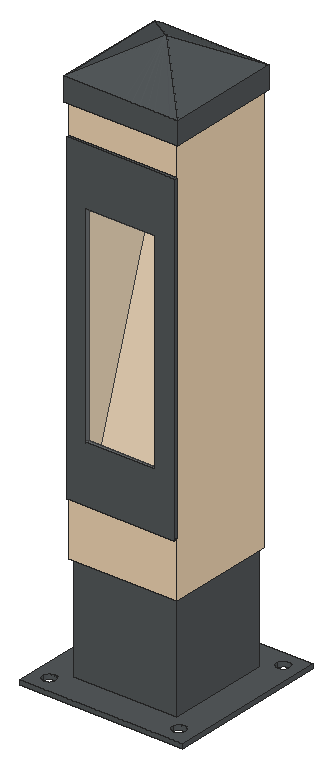
Revit family "Баум", category Осветительные приборы, Revit 2019 (continued)
Types (3, lengths in mm): name | Файл фотометрической сетки | built-in parameter 1150105 | Lumens | built-in parameter 1150106 | built-in parameter 1150142 | Wattage | h_столб низ | h_столб верх | ADSK_Фактическая мощность | ADSK_Размер_Высота | ADSK_Номинальная мощность | ADSK_Наименование | ADSK_Масса_Текст | ADSK_Масса | ADSK_Артикул
     0.4 0.4 0.4\r\n 0.4 0.4 0.4 0.4 0.4 0.4 0.4 0.4 0.4 0.4 0.4 0.4 0.4 0.4 0.4 0.4 0.4 0.4 0.4 0.4 0.4 0.4 0.4 0.4 0.4 0.4 0.4 0.4 0.4 0.4 0.4 0.4\r\n 0.4 0.4 0.4 0.4 0.4 0.4 0.4 0.4 0.4 0.4 0.4 0.4 0.4 0.4 0.4 0.4 0.4 0.4 0.4 0.4 0.4 0.4 0.4 0.4 0.4 0.4 0.4 0.4 0.4 0.4 0.4 0.4\r\n 0.4 0.4 0.4 0.4 0.4 0.4 0.4 0.4 0.4 0.4 0.4 0.4 0.4 0.4 0.4 0.4 0.4 0.4 0.4 0.4 0.4 0.4 0.4 0.4 0.4 0.4 0.4 0.4 0.4 0.4 0.4 0.4\r\n 0.4 0.4 0.4 0.4 0.4 0.4 0.4 0.4 0.4 0.4 0.4 0.2 0.2 0.2 0.0 0.0 0.0 0.0 0.0 0.0 0.0\r\n0.0 0.0 0.2 0.2 0.2 0.2 0.2 0.2 0.4 0.4 0.4 0.4 0.4 0.4 0.4 0.4 0.4 0.4 0.4 0.4 0.4 0.4 0.4 0.4 0.4 0.4 0.4 0.4 0.4 0.4 0.4 0.4\r\n 0.4 0.4 0.4 0.4 0.4 0.4 0.4 0.4 0.6 0.6 0.4 0.4 0.4 0.4 0.4 0.4 0.4 0.4 0.4 0.4 0.4 0.4 0.4 0.4 0.4 0.4 0.4 0.4 0.4 0.4 0.4 0.4\r\n 0.4 0.4 0.4 0.4 0.4 0.4 0.4 0.4 0.4 0.4 0.4 0.4 0.4 0.4 0.4 0.4 0.4 0.4 0.4 0.4 0.4 0.4 0.4 0.4 0.4 0.4 0.4 0.4 0.4 0.4 0.4 0.4\r\n 0.4 0.4 0.4 0.4 0.4 0.4 0.4 0.4 0.4 0.4 0.4 0.4 0.4 0.4 0.4 0.4 0.4 0.4 0.4 0.4 0.4 0.4 0.4 0.4 0.4 0.4 0.4 0.4 0.4 0.4 0.4 0.4\r\n 0.4 0.4 0.4 0.4 0.4 0.4 0.4 0.4 0.4 0.4 0.4 0.4 0.4 0.4 0.4 0.4 0.4 0.4 0.4 0.4 0.4 0.4 0.4 0.4 0.4 0.4 0.4 0.4 0.4 0.4 0.4 0.4\r\n 0.4 0.4 0.4 0.4 0.4 0.4 0.4 0.4 0.4 0.4 0.4 0.2 0.2 0.2 0.0 0.0 0.0 0.0 0.0 0.0 0.0\r\n0.0 0.0 0.2 0.2 0.2 0.2 0.2 0.2 0.4 0.4 0.4 0.4 0.4 0.4 0.4 0.4 0.4 0.4 0.4 0.4 0.4 0.4 0.4 0.4 0.4 0.4 0.4 0.4 0.4 0.4 0.4 0.4\r\n 0.4 0.4 0.4 0.4 0.4 0.4 0.4 0.4 0.4 0.4 0.4 0.4 0.4 0.4 0.4 0.4 0.4 0.4 0.4 0.4 0.4 0.4 0.4 0.4 0.4 0.4 0.4 0.4 0.4 0.4 0.4 0.4\r\n 0.4 0.4 0.4 0.4 0.4 0.4 0.4 0.4 0.4 0.4 0.4 0.4 0.4 0.4 0.4 0.4 0.4 0.4 0.4 0.4 0.4 0.4 0.4 0.4 0.4 0.4 0.4 0.4 0.4 0.4 0.4 0.4\r\n 0.4 0.4 0.4 0.4 0.4 0.4 0.4 0.4 0.4 0.4 0.4 0.4 0.4 0.4 0.4 0.4 0.4 0.4 0.4 0.4 0.4 0.4 0.4 0.4 0.4 0.4 0.4 0.4 0.4 0.4 0.4 0.4\r\n 0.4 0.4 0.4 0.4 0.4 0.4 0.4 0.4 0.4 0.4 0.4 0.4 0.4 0.4 0.4 0.4 0.4 0.4 0.4 0.4 0.4 0.4 0.4 0.4 0.4 0.4 0.4 0.4 0.4 0.4 0.4 0.4\r\n 0.4 0.4 0.4 0.4 0.4 0.4 0.4 0.4 0.4 0.4 0.4 0.2 0.2 0.2 0.0 0.0 0.0 0.0 0.0 0.0 0.0\r\n0.0 0.0 0.2 0.2 0.2 0.2 0.2 0.2 0.4 0.4 0.4 0.4 0.4 0.4 0.4 0.4 0.4 0.4 0.4 0.4 0.4 0.4 0.4 0.4 0.4 0.4 0.4 0.4 0.4 0.4 0.4 0.4\r\n 0.4 0.4 0.4 0.4 0.4 0.4 0.4 0.4 0.4 0.4 0.4 0.4 0.4 0.4 0.4 0.4 0.4 0.4 0.4 0.4 0.4 0.4 0.4 0.4 0.4 0.4 0.4 0.4 0.4 0.4 0.4 0.4\r\n 0.4 0.4 0.4 0.4 0.4 0.4 0.4 0.4 0.4 0.4 0.4 0.4 0.4 0.4 0.4 0.4 0.4 0.4 0.4 0.4 0.4 0.4 0.4 0.4 0.4 0.4 0.4 0.4 0.4 0.4 0.4 0.4\r\n 0.4 0.4 0.4 0.4 0.4 0.4 0.4 0.4 0.4 0.4 0.4 0.4 0.4 0.4 0.4 0.4 0.4 0.4 0.4 0.4 0.4 0.4 0.4 0.4 0.4 0.4 0.4 0.4 0.4 0.4 0.4 0.4\r\n 0.4 0.4 0.4 0.4 0.4 0.4 0.4 0.4 0.4 0.4 0.4 0.4 0.4 0.4 0.4 0.4 0.4 0.4 0.4 0.4 0.4 0.4 0.4 0.4 0.4 0.4 0.4 0.4 0.4 0.4 0.4 0.4\r\n 0.4 0.4 0.4 0.4 0.4 0.4 0.4 0.4 0.4 0.4 0.4 0.2 0.2 0.2 0.0 0.0 0.0 0.0 0.0 0.0 0.0\r\n0.0 0.0 0.2 0.2 0.2 0.2 0.2 0.2 0.4 0.4 0.4 0.4 0.4 0.4 0.4 0.4 0.4 0.4 0.4 0.4 0.4 0.4 0.4 0.4 0.4 0.4 0.4 0.4 0.4 0.4 0.4 0.4\r\n 0.4 0.4 0.4 0.4 0.4 0.4 0.4 0.4 0.4 0.4 0.4 0.4 0.4 0.4 0.4 0.4 0.4 0.4 0.4 0.4 0.4 0.4 0.4 0.4 0.4 0.4 0.4 0.4 0.4 0.4 0.4 0.4\r\n 0.4 0.4 0.4 0.4 0.4 0.4 0.4 0.4 0.4 0.4 0.4 0.4 0.4 0.4 0.4 0.4 0.4 0.4 0.4 0.4 0.4 0.4 0.4 0.4 0.4 0.4 0.4 0.4 0.4 0.4 0.4 0.4\r\n 0.4 0.4 0.4 0.4 0.4 0.4 0.4 0.4 0.4 0.4 0.4 0.4 0.4 0.4 0.4 0.4 0.4 0.4 0.4 0.4 0.4 0.4 0.4 0.4 0.4 0.4 0.4 0.4 0.4 0.4 0.4 0.4\r\n 0.4 0.4 0.4 0.4 0.4 0.4 0.4 0.4 0.4 0.4 0.4 0.4 0.4 0.4 0.4 0.4 0.4 0.4 0.4 0.4 0.4 0.4 0.4 0.4 0.4 0.4 0.4 0.4 0.4 0.4 0.4 0.4\r\n 0.4 0.4 0.4 0.4 0.4 0.4 0.4 0.4 0.4 0.4 0.4 0.2 0.2 0.2 0.0 0.0 0.0 0.0 0.0 0.0 0.0\r\n0.0 0.0 0.2 0.2 0.2 0.2 0.2 0.2 0.4 0.4 0.4 0.4 0.4 0.4 0.4 0.4 0.4 0.4 0.4 0.4 0.4 0.4 0.4 0.4 0.4 0.4 0.4 0.4 0.4 0.4 0.4 0.4\r\n 0.4 0.4 0.4 0.4 0.4 0.4 0.4 0.4 0.4 0.4 0.4 0.4 0.4 0.4 0.4 0.4 0.4 0.4 0.4 0.4 0.4 0.4 0.4 0.4 0.4 0.4 0.4 0.4 0.4 0.4 0.4 0.4\r\n 0.4 0.4 0.4 0.4 0.4 0.4 0.4 0.4 0.4 0.4 0.4 0.4 0.4 0.4 0.4 0.4 0.4 0.4 0.4 0.4 0.4 0.4 0.4 0.4 0.4 0.4 0.4 0.4 0.4 0.4 0.4 0.4\r\n 0.4 0.4 0.4 0.4 0.4 0.4 0.4 0.4 0.4 0.4 0.4 0.4 0.4 0.4 0.4 0.4 0.4 0.4 0.4 0.4 0.4 0.4 0.4 0.4 0.4 0.4 0.4 0.4 0.4 0.4 0.4 0.4\r\n 0.4 0.4 0.4 0.4 0.4 0.4 0.4 0.4 0.4 0.4 0.4 0.4 0.4 0.4 0.4 0.4 0.4 0.4 0.4 0.4 0.4 0.4 0.4 0.4 0.4 0.4 0.4 0.4 0.4 0.4 0.4 0.4\r\n 0.4 0.4 0.4 0.4 0.4 0.4 0.4 0.4 0.4 0.4 0.4 0.2 0.2 0.2 0.0 0.0 0.0 0.0 0.0 0.0 0.0\r\n0.0 0.0 0.2 0.2 0.2 0.2 0.2 0.2 0.4 0.4 0.4 0.4 0.4 0.4 0.4 0.4 0.4 0.4 0.4 0.4 0.4 0.4 0.4 0.4 0.4 0.4 0.4 0.4 0.4 0.4 0.4 0.4\r\n 0.4 0.4 0.4 0.4 0.4 0.4 0.4 0.4 0.4 0.4 0.4 0.4 0.4 0.4 0.4 0.4 0.4 0.4 0.4 0.4 0.4 0.4 0.4 0.4 0.4 0.4 0.4 0.4 0.4 0.4 0.4 0.4\r\n 0.4 0.4 0.4 0.4 0.4 0.4 0.4 0.4 0.4 0.4 0.4 0.4 0.4 0.4 0.6 0.4 0.4 0.4 0.4 0.4 0.4 0.4 0.4 0.4 0.4 0.4 0.4 0.4 0.4 0.4 0.4 0.4\r\n 0.4 0.4 0.4 0.4 0.4 0.4 0.4 0.4 0.4 0.4 0.4 0.4 0.4 0.4 0.4 0.4 0.4 0.4 0.4 0.4 0.4 0.4 0.4 0.4 0.4 0.4 0.4 0.4 0.4 0.4 0.4 0.4\r\n 0.4 0.4 0.4 0.4 0.4 0.4 0.4 0.4 0.4 0.4 0.4 0.4 0.4 0.4 0.4 0.4 0.4 0.4 0.4 0.4 0.4 0.4 0.4 0.4 0.4 0.4 0.4 0.4 0.4 0.4 0.4 0.4\r\n 0.4 0.4 0.4 0.4 0.4 0.4 0.4 0.4 0.4 0.4 0.4 0.2 0.2 0.2 0.0 0.0 0.0 0.0 0.0 0.0 0.0\r\n0.0 0.0 0.2 0.2 0.2 0.2 0.2 0.2 0.4 0.4 0.4 0.4 0.4 0.4 0.4 0.4 0.4 0.4 0.4 0.4 0.4 0.4 0.4 0.4 0.4 0.4 0.4 0.4 0.4 0.4 0.4 0.4\r\n 0.4 0.4 0.4 0.4 0.4 0.4 0.4 0.4 0.4 0.4 0.4 0.4 0.4 0.4 0.4 0.4 0.4 0.4 0.4 0.4 0.4 0.4 0.4 0.4 0.4 0.4 0.4 0.4 0.4 0.4 0.4 0.4\r\n 0.4 0.4 0.4 0.4 0.4 0.4 0.4 0.4 0.4 0.4 0.4 0.4 0.4 0.4 0.4 0.4 0.4 0.4 0.4 0.4 0.4 0.4 0.4 0.4 0.4 0.4 0.4 0.4 0.4 0.4 0.4 0.4\r\n 0.4 0.4 0.4 0.4 0.4 0.4 0.4 0.4 0.4 0.4 0.4 0.4 0.4 0.4 0.4 0.4 0.4 0.4 0.4 0.4 0.4 0.4 0.4 0.4 0.4 0.4 0.4 0.4 0.4 0.4 0.4 0.4\r\n 0.4 0.4 0.4 0.4 0.4 0.4 0.4 0.4 0.4 0.4 0.4 0.4 0.4 0.4 0.4 0.4 0.4 0.4 0.4 0.4 0.4 0.4 0.4 0.4 0.4 0.4 0.4 0.4 0.4 0.4 0.4 0.4\r\n 0.4 0.4 0.4 0.4 0.4 0.4 0.4 0.4 0.4 0.4 0.4 0.2 0.2 0.2 0.0 0.0 0.0 0.0 0.0 0.0 0.0\r\n0.0 0.0 0.2 0.2 0.2 0.2 0.2 0.2 0.4 0.4 0.4 0.4 0.4 0.4 0.4 0.4 0.4 0.4 0.4 0.4 0.4 0.4 0.4 0.4 0.4 0.4 0.4 0.4 0.4 0.4 0.4 0.4\r\n 0.4 0.4 0.4 0.4 0.4 0.4 0.4 0.4 0.4 0.4 0.4 0.4 0.4 0.4 0.4 0.4 0.4 0.4 0.4 0.4 0.4 0.4 0.4 0.4 0.4 0.4 0.4 0.4 0.4 0.4 0.4 0.4\r\n 0.4 0.4 0.4 0.4 0.4 0.4 0.4 0.4 0.4 0.4 0.4 0.4 0.4 0.4 0.4 0.4 0.4 0.4 0.4 0.4 0.4 0.4 0.4 0.4 0.4 0.4 0.4 0.4 0.4 0.4 0.4 0.4\r\n 0.4 0.4 0.4 0.4 0.4 0.4 0.4 0.4 0.4 0.4 0.4 0.4 0.4 0.4 0.4 0.4 0.4 0.4 0.4 0.4 0.4 0.4 0.4 0.4 0.4 0.4 0.4 0.4 0.4 0.4 0.4 0.4\r\n 0.4 0.4 0.4 0.4 0.4 0.4 0.4 0.4 0.4 0.4 0.4 0.4 0.4 0.4 0.4 0.4 0.4 0.4 0.4 0.4 0.4 0.4 0.4 0.4 0.4 0.4 0.4 0.4 0.4 0.4 0.4 0.4\r\n 0.4 0.4 0.4 0.4 0.4 0.4 0.4 0.4 0.4 0.4 0.4 0.2 0.2 0.2 0.0 0.0 0.0 0.0 0.0 0.0 0.0\r\n0.0 0.0 0.2 0.2 0.2 0.2 0.2 0.2 0.4 0.4 0.4 0.4 0.4 0.4 0.4 0.4 0.4 0.4 0.4 0.4 0.4 0.4 0.4 0.4 0.4 0.4 0.4 0.4 0.4 0.4 0.4 0.4\r\n 0.4 0.4 0.4 0.4 0.4 0.4 0.4 0.4 0.4 0.4 0.4 0.4 0.4 0.4 0.4 0.4 0.4 0.4 0.4 0.4 0.4 0.4 0.4 0.4 0.4 0.4 0.4 0.4 0.4 0.4 0.4 0.4\r\n 0.4 0.4 0.4 0.4 0.4 0.4 0.4 0.4 0.4 0.4 0.4 0.4 0.4 0.4 0.4 0.4 0.4 0.4 0.4 0.4 0.4 0.4 0.4 0.4 0.4 0.4 0.4 0.4 0.4 0.4 0.4 0.4\r\n 0.4 0.4 0.4 0.4 0.4 0.4 0.4 0.4 0.4 0.4 0.4 0.4 0.4 0.4 0.4 0.4 0.4 0.4 0.4 0.4 0.4 0.4 0.4 0.4 0.4 0.4 0.4 0.4 0.4 0.4 0.4 0.4\r\n 0.4 0.4 0.4 0.4 0.4 0.4 0.4 0.4 0.4 0.4 0.4 0.4 0.4 0.4 0.4 0.4 0.4 0.4 0.4 0.4 0.4 0.4 0.4 0.4 0.4 0.4 0.4 0.4 0.4 0.4 0.4 0.4\r\n 0.4 0.4 0.4 0.4 0.4 0.4 0.4 0.4 0.4 0.4 0.4 0.2 0.2 0.2 0.0 0.0 0.0 0.0 0.0 0.0 0.0\r\n0.0 0.0 0.4 0.2 0.2 0.2 0.2 0.2 0.4 0.4 0.4 0.4 0.4 0.4 0.4 0.4 0.4 0.4 0.4 0.4 0.4 0.4 0.4 0.4 0.4 0.4 0.4 0.4 0.4 0.4 0.4 0.4\r\n 0.4 0.4 0.4 0.4 0.4 0.4 0.4 0.4 0.4 0.4 0.4 0.4 0.4 0.4 0.4 0.4 0.4 0.4 0.4 0.4 0.4 0.4 0.4 0.4 0.4 0.4 0.4 0.4 0.4 0.4 0.4 0.4\r\n 0.4 0.4 0.4 0.4 0.4 0.4 0.4 0.4 0.4 0.4 0.4 0.4 0.4 0.4 0.4 0.4 0.4 0.4 0.4 0.4 0.4 0.4 0.4 0.4 0.4 0.4 0.4 0.4 0.4 0.4 0.4 0.4\r\n 0.4 0.4 0.4 0.4 0.4 0.4 0.4 0.4 0.4 0.4 0.4 0.4 0.4 0.4 0.4 0.4 0.4 0.4 0.4 0.4 0.4 0.4 0.4 0.4 0.4 0.4 0.4 0.4 0.4 0.4 0.4 0.4\r\n 0.4 0.4 0.4 0.4 0.4 0.4 0.4 0.4 0.4 0.4 0.4 0.4 0.4 0.4 0.4 0.4 0.4 0.4 0.4 0.4 0.4 0.4 0.4 0.4 0.4 0.4 0.4 0.4 0.4 0.4 0.4 0.4\r\n 0.4 0.4 0.4 0.4 0.4 0.4 0.4 0.4 0.4 0.4 0.4 0.2 0.2 0.2 0.0 0.0 0.0 0.0 0.0 0.0 0.0\r\n0.0 0.0 0.4 0.2 0.2 0.2 0.2 0.2 0.4 0.4 0.4 0.4 0.4 0.4 0.4 0.4 0.4 0.4 0.4 0.4 0.4 0.4 0.4 0.4 0.4 0.4 0.4 0.4 0.4 0.4 0.4 0.4\r\n 0.4 0.4 0.4 0.4 0.4 0.4 0.4 0.4 0.4 0.4 0.4 0.4 0.4 0.4 0.4 0.4 0.4 0.4 0.4 0.4 0.4 0.4 0.4 0.4 0.4 0.4 0.4 0.4 0.4 0.4 0.4 0.4\r\n 0.4 0.6 0.6 0.6 0.6 0.6 0.6 0.6 0.6 0.4 0.4 0.4 0.4 0.4 0.4 0.4 0.4 0.4 0.4 0.4 0.4 0.4 0.4 0.4 0.4 0.4 0.4 0.4 0.4 0.4 0.4 0.4\r\n 0.4 0.4 0.4 0.4 0.4 0.4 0.4 0.4 0.4 0.4 0.4 0.4 0.4 0.4 0.4 0.4 0.4 0.4 0.4 0.4 0.4 0.4 0.4 0.4 0.4 0.4 0.4 0.4 0.4 0.4 0.4 0.4\r\n 0.4 0.4 0.4 0.4 0.4 0.4 0.4 0.4 0.4 0.4 0.4 0.4 0.4 0.4 0.4 0.4 0.4 0.4 0.4 0.4 0.4 0.4 0.4 0.4 0.4 0.4 0.4 0.4 0.4 0.4 0.4 0.4\r\n 0.4 0.4 0.4 0.4 0.4 0.4 0.4 0.4 0.4 0.4 0.4 0.2 0.2 0.2 0.0 0.0 0.0 0.0 0.0 0.0 0.0\r\n0.0 0.0 0.4 0.2 0.2 0.2 0.2 0.2 0.4 0.6 0.4 0.4 0.4 0.4 0.4 0.4 0.4 0.4 0.4 0.4 0.4 0.4 0.4 0.4 0.4 0.4 0.4 0.4 0.4 0.4 0.4 0.4\r\n 0.4 0.4 0.4 0.4 0.4 0.4 0.4 0.4 0.4 0.4 0.4 0.4 0.4 0.4 0.4 0.4 0.4 0.4 0.4 0.4 0.4 0.4 0.4 0.4 0.4 0.4 0.4 0.6 0.6 0.6 0.6 0.6\r\n 0.7 1.3 1.3 1.3 1.1 0.9 0.9 0.7 0.7 0.6 0.6 0.4 0.4 0.4 0.4 0.4 0.4 0.4 0.4 0.4 0.4 0.4 0.4 0.4 0.4 0.4 0.4 0.4 0.4 0.4 0.4 0.4\r\n 0.4 0.4 0.4 0.4 0.4 0.4 0.4 0.4 0.4 0.4 0.4 0.4 0.4 0.4 0.4 0.4 0.4 0.4 0.4 0.4 0.4 0.4 0.4 0.4 0.4 0.4 0.4 0.4 0.4 0.4 0.4 0.4\r\n 0.4 0.4 0.4 0.4 0.4 0.4 0.4 0.4 0.4 0.4 0.4 0.4 0.4 0.4 0.4 0.4 0.4 0.4 0.4 0.4 0.4 0.4 0.4 0.4 0.4 0.4 0.4 0.4 0.4 0.4 0.4 0.4\r\n 0.4 0.4 0.4 0.4 0.4 0.4 0.4 0.4 0.4 0.4 0.4 0.4 0.2 0.2 0.0 0.0 0.0 0.0 0.0 0.0 0.0\r\n0.0 0.0 0.4 0.2 0.4 0.2 0.2 0.2 0.4 0.6 0.4 0.4 0.4 0.4 0.4 0.4 0.4 0.4 0.4 0.4 0.4 0.4 0.4 0.4 0.4 0.4 0.4 0.4 0.4 0.4 0.4 0.4\r\n 0.4 0.4 0.4 0.4 0.4 0.4 0.6 1.6 2.2 2.2 1.8 1.6 1.5 1.3 1.1 0.9 0.7 0.7 0.7 0.7 0.7 0.7 0.9 1.1 0.9 0.9 1.1 1.5 1.6 1.8 2.2 1.8\r\n 1.3 1.8 2.4 2.6 2.2 1.8 1.5 1.3 1.1 0.9 0.7 0.7 0.6 0.6 0.6 0.4 0.4 0.4 0.4 0.4 0.4 0.4 0.4 0.4 0.4 0.4 0.4 0.4 0.4 0.4 0.4 0.4\r\n 0.4 0.4 0.4 0.4 0.4 0.4 0.4 0.4 0.4 0.4 0.4 0.4 0.4 0.4 0.4 0.4 0.4 0.4 0.4 0.4 0.4 0.4 0.4 0.4 0.4 0.4 0.4 0.4 0.4 0.4 0.4 0.4\r\n 0.4 0.4 0.4 0.4 0.4 0.4 0.4 0.4 0.4 0.4 0.4 0.4 0.4 0.4 0.4 0.4 0.4 0.4 0.4 0.4 0.4 0.4 0.4 0.4 0.4 0.4 0.4 0.4 0.4 0.4 0.4 0.4\r\n 0.4 0.4 0.4 0.4 0.4 0.4 0.4 0.4 0.4 0.4 0.4 0.4 0.2 0.2 0.0 0.0 0.0 0.0 0.0 0.0 0.0\r\n0.0 0.0 0.4 0.2 0.4 0.2 0.2 0.2 0.4 0.6 0.4 0.4 0.4 0.4 0.4 0.4 0.4 0.4 0.4 0.4 0.4 0.4 0.4 0.4 0.4 0.4 0.4 0.4 0.4 0.4 0.4 0.4\r\n 0.6 1.3 1.3 1.6 4.6 4.6 8.4 32.5 51.9 59.1 58.5 60.4 56.9 51.9 47.7 43.5 39.6 35.2 30.3 26.2 23.1 20.9 18.9 16.9 16.0 15.6 16.1\r\n 17.4 17.4 18.2 18.2 17.6 18.7 19.3 19.1 20.0 19.6 18.9 19.3 18.4 17.6 17.6 16.1 14.7 14.3 13.0 11.9 11.2 7.3 2.6 0.9 0.4 0.4 0.4\r\n 0.4 0.4 0.4 0.4 0.4 0.4 0.4 0.4 0.4 0.4 0.4 0.4 0.4 0.4 0.4 0.4 0.4 0.4 0.4 0.4 0.4 0.4 0.4 0.4 0.4 0.4 0.4 0.4 0.4 0.4 0.4 0.4\r\n 0.4 0.4 0.4 0.4 0.4 0.4 0.4 0.4 0.4 0.4 0.4 0.4 0.4 0.4 0.4 0.4 0.4 0.4 0.4 0.4 0.4 0.4 0.4 0.4 0.4 0.4 0.4 0.4 0.4 0.4 0.4 0.4\r\n 0.4 0.4 0.4 0.4 0.4 0.4 0.4 0.4 0.4 0.4 0.4 0.4 0.4 0.4 0.4 0.4 0.4 0.4 0.4 0.4 0.4 0.4 0.2 0.2 0.0 0.0 0.0 0.0 0.0 0.0 0.0\r\n0.0 0.0 0.4 0.2 0.4 0.2 0.2 0.2 0.4 0.6 0.4 0.4 0.4 0.4 0.4 0.4 0.4 0.4 0.4 0.4 0.4 0.4 0.4 0.4 0.4 0.4 0.4 0.4 0.4 0.4 1.1 2.4\r\n 4.6 13.4 18.0 25.1 54.1 85.7 100.2 108.6 116.2 120.2 126.4 131.2 135.8 133.2 129.6 123.7 119.8 117.6 114.0 113.1 111.4 109.8\r\n 108.6 107.9 105.7 103.5 101.7 98.9 95.6 93.4 90.8 86.6 81.8 78.2 76.5 73.6 70.3 68.3 65.3 61.3 56.5 52.1 48.5 44.2 41.7 37.8 32.3\r\n 22.6 12.9 7.2 4.6 2.6 1.3 0.6 0.4 0.4 0.4 0.4 0.4 0.4 0.4 0.4 0.4 0.4 0.4 0.4 0.4 0.4 0.4 0.4 0.4 0.4 0.4 0.4 0.4 0.4 0.4 0.4 0.4\r\n 0.4 0.4 0.4 0.4 0.4 0.4 0.4 0.4 0.4 0.4 0.4 0.4 0.4 0.4 0.4 0.4 0.4 0.4 0.4 0.4 0.4 0.4 0.4 0.4 0.4 0.4 0.4 0.4 0.4 0.4 0.4 0.4\r\n 0.4 0.4 0.4 0.4 0.4 0.4 0.4 0.4 0.4 0.4 0.4 0.4 0.4 0.4 0.4 0.4 0.4 0.4 0.4 0.4 0.4 0.4 0.4 0.4 0.4 0.4 0.4 0.4 0.4 0.2 0.2 0.0\r\n 0.0 0.0 0.0 0.0 0.0 0.0\r\n0.0 0.0 0.4 0.2 0.4 0.2 0.2 0.2 0.4 0.6 0.4 0.4 0.4 0.4 0.4 0.4 0.4 0.4 0.4 0.4 0.4 0.4 0.4 0.4 0.4 0.4 0.4 0.6 2.0 5.5 11.9 25.3\r\n 34.3 52.7 94.5 118.4 134.3 150.5 165.5 174.2 184.1 192.7 200.4 208.6 206.1 206.4 201.3 195.4 191.4 187.7 184.1 179.1 175.4 174.0\r\n 171.8 167.4 166.3 162.8 158.0 154.5 152.3 148.6 143.9 139.7 134.9 129.8 125.9 121.1 117.3 112.5 106.1 98.9 92.5 85.7 80.8 75.4\r\n 68.8 56.3 42.2 31.6 23.9 17.3 12.3 8.6 5.5 3.1 1.5 0.6 0.4 0.4 0.4 0.4 0.4 0.4 0.4 0.4 0.4 0.4 0.4 0.4 0.4 0.4 0.4 0.4 0.4 0.4\r\n 0.4 0.4 0.4 0.4 0.4 0.4 0.4 0.4 0.4 0.4 0.4 0.4 0.4 0.4 0.4 0.4 0.4 0.4 0.4 0.4 0.4 0.4 0.4 0.4 0.4 0.4 0.4 0.4 0.4 0.4 0.4 0.4\r\n 0.4 0.4 0.4 0.4 0.4 0.4 0.4 0.4 0.4 0.4 0.4 0.4 0.4 0.4 0.4 0.4 0.4 0.4 0.4 0.4 0.4 0.4 0.4 0.4 0.4 0.4 0.4 0.4 0.4 0.4 0.4 0.4\r\n 0.4 0.4 0.2 0.2 0.0 0.0 0.0 0.0 0.0 0.0 0.0\r\n0.0 0.0 0.4 0.2 0.4 0.2 0.2 0.2 0.4 0.6 0.4 0.4 0.4 0.4 0.4 0.4 0.4 0.4 0.4 0.4 0.4 0.4 0.4 0.4 0.6 0.9 1.6 8.1 18.9 44.6 63.7\r\n 90.8 118.2 137.6 153.8 169.8 185.7 202.6 225.4 236.0 257.8 286.1 287.0 303.2 315.8 310.0 308.3 307.4 305.4 300.8 300.4 298.2\r\n 296.6 291.8 287.9 283.7 276.6 270.1 264.1 256.5 248.1 239.1 231.8 223.7 213.8 205.7 198.2 191.4 182.6 174.4 165.4 156.5 147.7\r\n 137.6 127.6 114.2 96.3 79.5 65.3 54.7 45.2 36.5 29.2 21.3 15.1 9.5 6.1 1.3 0.4 0.4 0.4 0.4 0.4 0.4 0.4 0.4 0.4 0.4 0.4 0.4 0.4\r\n 0.4 0.4 0.4 0.4 0.4 0.4 0.4 0.4 0.4 0.4 0.4 0.4 0.4 0.4 0.4 0.4 0.4 0.4 0.4 0.4 0.4 0.4 0.4 0.4 0.4 0.4 0.4 0.4 0.4 0.4 0.4 0.4\r\n 0.4 0.4 0.4 0.4 0.4 0.4 0.4 0.4 0.4 0.4 0.4 0.4 0.4 0.4 0.4 0.4 0.4 0.4 0.4 0.4 0.4 0.4 0.4 0.4 0.4 0.4 0.4 0.4 0.4 0.4 0.4 0.4\r\n 0.4 0.4 0.4 0.4 0.4 0.4 0.2 0.2 0.2 0.0 0.0 0.0 0.0 0.0 0.0 0.0\r\n0.0 0.0 0.4 0.2 0.4 0.2 0.2 0.4 0.4 0.6 0.4 0.4 0.4 0.4 0.4 0.4 0.4 0.4 0.4 0.4 0.4 0.4 0.6 0.7 3.1 8.1 20.4 55.4 75.4 97.1 123.5\r\n 149.6 171.6 183.7 201.3 231.2 254.0 277.7 309.0 334.2 361.3 390.9 397.9 391.8 388.0 386.1 376.4 371.1 365.6 361.7 354.5 347.8\r\n 341.7 336.4 332.0 327.2 321.1 313.3 307.4 299.5 290.9 285.4 278.6 270.1 262.1 253.6 246.3 237.3 227.9 217.8 209.0 199.7 189.0\r\n 174.7 152.3 130.3 114.9 99.8 89.0 76.7 66.3 55.4 46.3 36.5 26.1 17.6 11.0 2.4 0.6 0.4 0.4 0.4 0.4 0.4 0.4 0.4 0.4 0.4 0.4 0.4 0.4\r\n 0.4 0.4 0.4 0.4 0.4 0.4 0.4 0.4 0.4 0.4 0.4 0.4 0.4 0.4 0.4 0.4 0.4 0.4 0.4 0.4 0.4 0.4 0.4 0.4 0.4 0.4 0.4 0.4 0.4 0.4 0.4 0.4\r\n 0.4 0.4 0.4 0.4 0.4 0.4 0.4 0.4 0.4 0.4 0.4 0.4 0.4 0.4 0.4 0.4 0.4 0.4 0.4 0.4 0.4 0.4 0.4 0.4 0.4 0.4 0.4 0.4 0.4 0.4 0.4 0.4\r\n 0.4 0.4 0.4 0.4 0.4 0.4 0.2 0.2 0.2 0.0 0.0 0.0 0.0 0.0 0.0 0.0\r\n0.0 0.0 0.4 0.2 0.4 0.2 0.2 0.4 0.4 0.6 0.4 0.4 0.4 0.4 0.4 0.4 0.4 0.4 0.4 0.4 0.4 0.6 3.1 9.2 22.9 43.1 89.0 117.6 136.5 159.7\r\n 178.6 197.3 211.4 239.3 268.1 292.5 329.6 354.5 387.4 408.3 414.6 412.4 407.0 403.7 399.0 389.8 390.2 384.3 379.5 376.0 368.3\r\n 364.5 359.9 352.2 347.4 338.8 330.7 327.4 318.0 308.1 300.6 296.0 286.8 277.7 270.9 262.6 252.9 243.3 234.7 226.8 218.0 206.1\r\n 187.0 163.0 140.9 124.4 111.2 98.9 86.8 74.7 65.3 53.0 45.2 33.6 23.1 15.4 6.1 1.1 0.4 0.4 0.4 0.4 0.4 0.4 0.4 0.4 0.4 0.4 0.4\r\n 0.4 0.4 0.4 0.4 0.4 0.4 0.4 0.4 0.4 0.4 0.4 0.4 0.4 0.4 0.4 0.4 0.4 0.4 0.4 0.4 0.4 0.4 0.4 0.4 0.4 0.4 0.4 0.4 0.4 0.4 0.4 0.4\r\n 0.4 0.4 0.4 0.4 0.4 0.4 0.4 0.4 0.4 0.4 0.4 0.4 0.4 0.4 0.4 0.4 0.4 0.4 0.4 0.4 0.4 0.4 0.4 0.4 0.4 0.4 0.4 0.4 0.4 0.4 0.4 0.4\r\n 0.4 0.4 0.4 0.4 0.4 0.4 0.4 0.4 0.2 0.2 0.2 0.0 0.0 0.0 0.0 0.0 0.0 0.0\r\n0.0 0.0 0.4 0.4 0.4 0.2 0.2 0.4 0.4 0.6 0.4 0.4 0.4 0.4 0.4 0.4 0.4 0.4 0.4 0.6 1.1 5.0 18.4 53.0 93.6 127.0 150.7 167.2 189.9\r\n 207.6 234.2 263.0 290.9 318.0 360.4 394.6 423.9 441.2 441.0 438.8 434.9 431.5 428.5 425.9 420.1 416.8 410.9 404.5 402.1 392.9\r\n 389.6 381.4 375.1 370.3 363.4 355.7 351.3 342.4 331.3 323.4 317.9 308.3 299.1 294.5 287.6 276.9 267.8 258.6 249.9 239.3 224.6\r\n 202.4 178.0 157.5 143.5 126.4 115.6 100.9 88.6 78.2 66.6 56.7 45.5 33.6 24.4 16.0 6.1 1.1 0.4 0.4 0.4 0.4 0.4 0.4 0.4 0.4 0.4 0.4\r\n 0.4 0.4 0.4 0.4 0.4 0.4 0.4 0.4 0.4 0.4 0.4 0.4 0.4 0.4 0.4 0.4 0.4 0.4 0.4 0.4 0.4 0.4 0.4 0.4 0.4 0.4 0.4 0.4 0.4 0.4 0.4 0.4\r\n 0.4 0.4 0.4 0.4 0.4 0.4 0.4 0.4 0.4 0.4 0.4 0.4 0.4 0.4 0.4 0.4 0.4 0.4 0.4 0.4 0.4 0.4 0.4 0.4 0.4 0.4 0.4 0.4 0.4 0.4 0.4 0.4\r\n 0.4 0.4 0.4 0.4 0.4 0.4 0.4 0.4 0.4 0.2 0.2 0.2 0.0 0.0 0.0 0.0 0.0 0.0 0.0\r\n0.0 0.0 0.4 0.4 0.4 0.2 0.2 0.4 0.4 0.6 0.4 0.4 0.4 0.4 0.4 0.4 0.4 0.4 0.6 2.0 9.0 39.5 72.9 139.3 187.2 222.4 253.4 281.3 303.9\r\n 329.0 360.4 384.3 425.2 452.7
